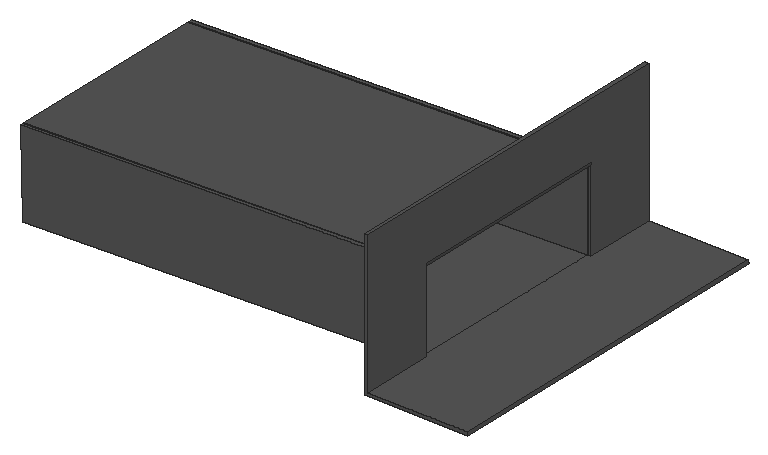
Revit family "Roofing-Aquaknight-Scupper_Radiused-200x75x400_Black", category Plumbing Fixtures, Revit 2016
Family settings
  Part Type = Normal
  Round Connector Dimension = Use Diameter
  OmniClass Number = 23.60.30.11
  OmniClass Title = Pipework Products for General Use
  Work Plane-Based = No
  Always vertical = No
  Cut with Voids When Loaded = No
  Shared = No
  Room Calculation Point = No
Parameters (values of type "200x75x400 Black")
  Waste Connection = yes
  Vent Connection = no
  URL = "www.aquaknight.co.nz"
  Phone = "+6498322214"  # constant formula
  Model = "2100.118"
  Material = Aquanight-Black
  Manufacturer = "Aquaknight Industries Ltd"  # constant formula
  HW Connection = no
  Email = "info@aquaknight.co.nz"  # constant formula
  Description = "Membrane Scupper 200x75 Black"
  CW Connection = no
Reference planes
  plane 1 "Center (Front/Back)": y = 0
  plane 2: z = 0
  plane 3 "Center (Left/Right)": x = 0
  plane 4: y = -170
  plane 5: y = 170
Forms (mm)
  Extrusion 1, solid, material "Aquanight-Black" <- "Material"
    sketch origin (0, 0, -97.032) x (0, 1, 0) y (0, 0, 1)
      loop
        line (-170, 237.032) -> (-170, 97.032) -> (170, 97.032) -> (170, 237.032) -> (-170, 237.032)
    from 0 to 3.5
  Extrusion 2, solid, material "Aquanight-Black" <- "Material"
    sketch origin (0, 0, -100.032) x (1, 0, 0) y (0, 0, 1)
      loop
        line (0, 103.534) -> (-383.888, 90.128) -> (-383.766, 86.63) -> (0, 100.032) -> (0, 103.534)
      loop
        line (-1.93, 183.015) -> (-386.663, 169.58) -> (-386.541, 166.082) -> (-1.326, 179.534)
        arc (-1.326, 179.534) -> (2.097, 181.057) -> (3.5, 184.531) r 5
        line (3.5, 184.531) -> (3.5, 185.696) -> (0, 185.014)
        arc (0, 185.014) -> (-0.561, 183.624) -> (-1.93, 183.015) r 2
    from -100 to 100
  Extrusion 3, void
    sketch origin (0, 0, -100.032) x (1, 0, 0) y (0, 0, 1)
      loop
        line (0, 103.532) -> (3.5, 103.532) -> (3.5, 185.696) -> (0, 185.014) -> (0, 103.532)
    from -100 to 100
  Extrusion 4, solid, material "Aquanight-Black" <- "Material"
    sketch origin (0, 0, 0) x (0, 1, 0) y (0, 0, 1)
      loop
        line (-170, 0) -> (170, 0) -> (170, 3.5) -> (-170, 3.5) -> (-170, 0)
    from 0 to 100
  Extrusion 5, solid, material "Aquanight-Black" <- "Material"
    sketch origin (0, -100, -100.032) x (1, 0, 0) y (0, 0, 1)
      loop
        line (-2.021, 183.012) -> (-386.663, 169.58) -> (-383.766, 86.63) -> (0, 100.032) -> (0, 185.104)
        arc (0, 185.104) -> (-0.588, 183.65) -> (-2.021, 183.012) r 2.094
    from 0 to 4
  Extrusion 6, solid, material "Aquanight-Black" <- "Material"
    sketch origin (0, 100, -100.032) x (-1, 0, 0) y (0, 0, 1)
      loop
        arc (2.021, 183.012) -> (0.588, 183.65) -> (0, 185.104) r 2.094
        line (0, 185.104) -> (0, 100.032) -> (383.766, 86.63) -> (386.663, 169.58) -> (2.021, 183.012)
    from 0 to 4
Cuts and joins
  Extrusion 3 cuts Extrusion 1
  joined: Extrusion 1, Extrusion 2, Extrusion 4
Dimensions and locks
  plane 4 to plane 5 = 340 mm
  equal spacing: plane 4, plane 1 "Center (Front/Back)", plane 5
  equal spacing: cut or joined group of Extrusion 1, Extrusion 2, Extrusion 3, Extrusion 4, plane 1 "Center (Front/Back)", cut or joined group of Extrusion 1, Extrusion 2, Extrusion 3, Extrusion 4
  Extrusion 4 sketch curve to Extrusion 4 sketch curve = 3.5 mm
  Extrusion 2 to Extrusion 5 = 200 mm
  plane 5 to plane 4 = 340 mm  (x2)
  locked: cut or joined group of Extrusion 1, Extrusion 2, Extrusion 3, Extrusion 4 to level at 140
  Extrusion 6 to Extrusion 5 = 200 mm
  aligned and locked: level to plane 2
  aligned and locked: cut or joined group of Extrusion 1, Extrusion 2, Extrusion 3, Extrusion 4 to Extrusion 2 sketch curve
  aligned and locked: cut or joined group of Extrusion 1, Extrusion 2, Extrusion 3, Extrusion 4 to Extrusion 4 sketch curve
  aligned and locked: plane 5 to Extrusion 4 sketch curve
  aligned and locked: Extrusion 2 to Extrusion 5 sketch curve
  aligned and locked: Extrusion 5 sketch curve to Extrusion 2  (x2)
Automatic sketch dimensions
  level to Extrusion 1 sketch curve = 0 mm
  Extrusion 1 sketch curve to plane 4 = 0 mm
  Extrusion 1 sketch curve to plane 5 = 0 mm
  Extrusion 1 sketch curve to Extrusion 1 sketch curve = 140 mm
  Extrusion 2 sketch curve to level = 0 mm
  Extrusion 2 sketch curve to plane 3 "Center (Left/Right)" = 1.5 mm
  Extrusion 2 sketch curve to Extrusion 2 sketch curve = 0.5 mm
  Extrusion 2 sketch curve to level = 13.401 mm
  Extrusion 2 sketch curve to plane 3 "Center (Left/Right)" = 383.766 mm
  Extrusion 2 sketch curve to level = 9.904 mm
  level to Extrusion 2 sketch curve = 66.05 mm
  Extrusion 2 sketch curve to Extrusion 2 sketch curve = 2.652 mm
  level to Extrusion 2 sketch curve = 69.548 mm
  Extrusion 2 sketch curve to Extrusion 2 sketch curve = 0.122 mm
  plane 3 "Center (Left/Right)" to Extrusion 2 sketch curve = 0 mm
  plane 3 "Center (Left/Right)" to Extrusion 2 sketch curve = 3.5 mm
  Extrusion 2 sketch curve to Extrusion 2 sketch curve = 80.997 mm
  Extrusion 2 sketch curve to Extrusion 2 sketch curve = 0.483 mm
  Extrusion 2 sketch curve to Extrusion 2 sketch curve = 1.165 mm
  Extrusion 2 sketch curve to plane 3 "Center (Left/Right)" = 1.326 mm
  Extrusion 2 sketch curve to Extrusion 2 sketch curve = 0 mm  (x2)
  Extrusion 2 sketch curve to Extrusion 2 sketch curve = 0.43 mm
  Extrusion 3 sketch curve to plane 3 "Center (Left/Right)" = 0 mm
  plane 3 "Center (Left/Right)" to Extrusion 3 sketch curve = 3.5 mm
  level to Extrusion 3 sketch curve = 3.5 mm
  Extrusion 3 sketch curve to Extrusion 3 sketch curve = 81.482 mm
  Extrusion 3 sketch curve to Extrusion 3 sketch curve = 0.682 mm
  Extrusion 4 sketch curve to level = 0 mm
  Extrusion 5 sketch curve to Extrusion 2 = 0 mm
  Extrusion 5 sketch curve to Extrusion 5 sketch curve = 2.094 mm
  Extrusion 5 sketch curve to Extrusion 2 = 2.021 mm
  Extrusion 6 sketch curve to Extrusion 2 = 0 mm  (x3)
  Extrusion 2 to Extrusion 6 sketch curve = 0 mm  (x2)
  Extrusion 6 sketch curve to Extrusion 6 sketch curve = 2.094 mm
  Extrusion 2 to Extrusion 6 sketch curve = 2.021 mm
